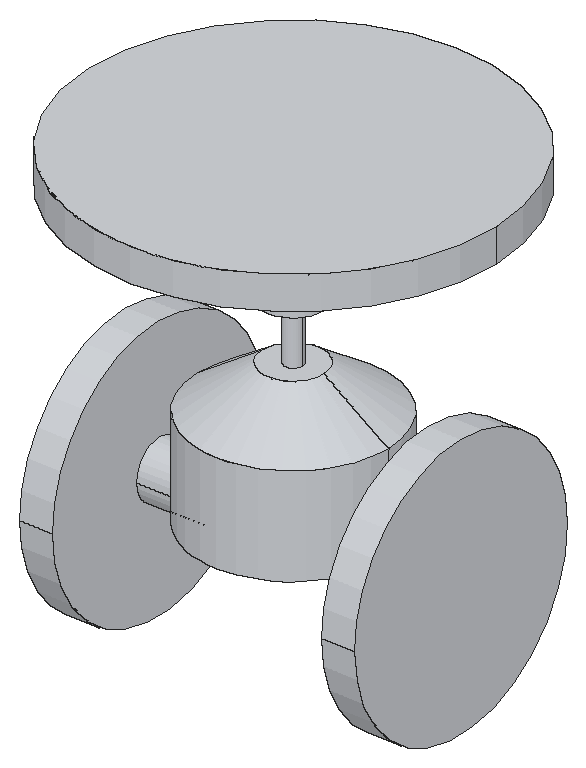
Revit family "5d86e1dd84414a7e97d1b1944e1acfb1", category Pipe Accessories, Revit 2021
Family settings
  Round Connector Dimension = Use Radius
  Part Type = Valve - Breaks Into
  OmniClass Number = 23.65.55.14.17
  OmniClass Title = Adjusting/Controlling Valves for Liquid Services
  Seek Item ID = Diaphragm Valve - Straight - 2.5-14 Inch-0000-USA-ENU
  Work Plane-Based = No
  Always vertical = Yes
  Cut with Voids When Loaded = No
  Shared = No
Parameters (values of type "2 1/2"")
  Valve Material = none
  Stem Radius = 0' - 0 13/16"
  Stem Height = 0.3 * Overall Height  # 0' - 2.6625"
  Stem Diameter = Stem Radius * 2  # 0' - 1 5/8"
  Pipe Radius = 0' - 0 3/4"
  Pipe Diameter = Pipe Radius * 2  # 0' - 1 1/2"
  Overall Height = 0' - 8 7/8"
  Nominal Radius = 1 1/4"
  Nominal Diameter = Nominal Radius * 2  # 2 1/2"
  Neck Radius = 0.3 * Stem Radius  # 0' - 0.24375"
  Neck Height = 0.17 * Overall Height  # 0' - 1.50875"
  Neck Diameter = Neck Radius * 2  # 0' - 0.4875"
  K Coefficient = 0.87
  Hand Wheel Thickness = 0' - 0 7/8"
  Hand Wheel Radius = 0' - 5 3/8"
  Hand Wheel Material = none
  Hand Wheel Diameter = Hand Wheel Radius * 2  # 0' - 10 3/4"
  Half Body Length = Body Length * 0.5  # 0' - 3 9/16"
  Flange Thickness = 0' - 0 7/8"
  Flange Radius = 0' - 3 1/2"
  Flange Diameter = Flange Radius * 2  # 0' - 7"
  Default Elevation = 0' - 0"
  Bonnet Radius = 3.12 * Stem Radius  # 0' - 2.535"
  Bonnet Height = 0' - 2 5/8"
  Bonnet Diameter = Bonnet Radius * 2  # 0' - 5.07"
  Body Length = 0' - 7 1/8"
Types (10): name | Stem Radius | Stem Height | Stem Diameter | Pipe Radius | Pipe Diameter | Overall Height | Nominal Radius | Nominal Diameter | Neck Radius | Neck Height | Neck Diameter | K Coefficient | Hand Wheel Thickness | Hand Wheel Radius | Hand Wheel Diameter | Half Body Length | Flange Thickness | Flange Radius | Flange Diameter | Bonnet Radius | Bonnet Height | Bonnet Diameter | Body Length
  (no name) | 0' - 0 13/16" | 0' - 2.6625" | 0' - 1 5/8" | 0' - 0 3/4" | 0' - 1 1/2" | 0' - 8 7/8" | 1 1/4" | 2 1/2" | 0' - 0.24375" | 0' - 1.50875" | 0' - 0.4875" | 0.87 | 0' - 0 7/8" | 0' - 5 3/8" | 0' - 10 3/4" | 0' - 3 9/16" | 0' - 0 7/8" | 0' - 3 1/2" | 0' - 7" | 0' - 2.535" | 0' - 2 5/8" | 0' - 5.07" | 0' - 7 1/8"
  2 1/2" | 0' - 0 13/16" | 0' - 2.6625" | 0' - 1 5/8" | 0' - 0 3/4" | 0' - 1 1/2" | 0' - 8 7/8" | 1 1/4" | 2 1/2" | 0' - 0.24375" | 0' - 1.50875" | 0' - 0.4875" | 0.87 | 0' - 0 7/8" | 0' - 5 3/8" | 0' - 10 3/4" | 0' - 3 9/16" | 0' - 0 7/8" | 0' - 3 1/2" | 0' - 7" | 0' - 2.535" | 0' - 2 5/8" | 0' - 5.07" | 0' - 7 1/8"
  3" | 0' - 0 15/16" | 0' - 3.0375" | 0' - 1 7/8" | 0' - 0 15/16" | 0' - 1 7/8" | 0' - 10 1/8" | 1 1/2" | 3" | 0' - 0 9/32" | 0' - 1.72125" | 0' - 0 9/16" | 0.66 | 0' - 1 1/16" | 0' - 5 1/2" | 0' - 11" | 0' - 4 1/4" | 0' - 0 15/16" | 0' - 3 3/4" | 0' - 7 1/2" | 0' - 2.925" | 0' - 3" | 0' - 5.85" | 0' - 8 1/2"
  4" | 0' - 1 1/8" | 0' - 3.675" | 0' - 2 1/4" | 0' - 1 5/16" | 0' - 2 5/8" | 1' - 0 1/4" | 2" | 4" | 0' - 0.3375" | 0' - 2.0825" | 0' - 0.675" | 0.66 | 0' - 1 1/4" | 0' - 6 13/16" | 1' - 1 5/8" | 0' - 5 1/4" | 0' - 0 15/16" | 0' - 4 1/2" | 0' - 9" | 0' - 3.51" | 0' - 3 13/16" | 0' - 7.02" | 0' - 10 1/2"
  5" | 0' - 1 9/32" | 0' - 4.3875" | 0' - 2 9/16" | 0' - 1 11/16" | 0' - 3 3/8" | 1' - 2 5/8" | 2 1/2" | 5" | 0' - 0.38437" | 0' - 2.48625" | 0' - 0.76875" | 0.65 | 0' - 1 1/2" | 0' - 6 15/16" | 1' - 1 7/8" | 0' - 6 3/16" | 0' - 0 15/16" | 0' - 5" | 0' - 10" | 0' - 3.9975" | 0' - 4 5/8" | 0' - 7.995" | 1' - 0 3/8"
  6" | 0' - 1 1/2" | 0' - 4 19/32" | 0' - 3" | 0' - 2 3/16" | 0' - 4 3/8" | 1' - 3 5/16" | 3" | 6" | 0' - 0.45" | 0' - 2.60313" | 0' - 0.9" | 0.41 | 0' - 1 1/2" | 0' - 8" | 1' - 4" | 0' - 7 3/8" | 0' - 1" | 0' - 5 1/2" | 0' - 11" | 0' - 4.68" | 0' - 5 1/4" | 0' - 9.36" | 1' - 2 3/4"
  8" | 0' - 1 7/8" | 0' - 6.525" | 0' - 3 3/4" | 0' - 2 13/16" | 0' - 5 5/8" | 1' - 9 3/4" | 4" | 8" | 0' - 0 9/16" | 0' - 3.6975" | 0' - 1 1/8" | 0.55 | 0' - 2 1/8" | 0' - 10 9/16" | 1' - 9 1/8" | 0' - 9 1/4" | 0' - 1 1/8" | 0' - 6 3/4" | 1' - 1 1/2" | 0' - 5.85" | 0' - 7 1/8" | 0' - 11.7" | 1' - 6 1/2"
  10" | 0' - 2 5/16" | 0' - 8.8875" | 0' - 4 5/8" | 0' - 3 11/32" | 0' - 6 11/16" | 2' - 5 5/8" | 5" | 10" | 0' - 0.69375" | 0' - 5.03625" | 0' - 1.3875" | 0.55 | 0' - 3" | 1' - 1" | 2' - 2" | 0' - 11 11/16" | 0' - 1 3/16" | 0' - 8" | 1' - 4" | 0' - 7.215" | 0' - 9 5/16" | 1' - 2.43" | 1' - 11 3/8"
  12" | 0' - 2 11/16" | 0' - 7.35" | 0' - 5 3/8" | 0' - 4 3/4" | 0' - 9 1/2" | 2' - 0 1/2" | 6" | 12" | 0' - 0.80625" | 0' - 4.165" | 0' - 1.6125" | 0.5 | 0' - 2 1/4" | 1' - 2 7/8" | 2' - 5 3/4" | 1' - 1 11/16" | 0' - 1 1/4" | 0' - 9 1/2" | 1' - 7" | 0' - 8.385" | 0' - 9 1/4" | 1' - 4.77" | 2' - 3 3/8"
  14" | 0' - 3 5/16" | 0' - 8.55" | 0' - 6 5/8" | 0' - 5 5/8" | 0' - 11 1/4" | 2' - 4 1/2" | 7" | 14" | 0' - 0.99375" | 0' - 4.845" | 0' - 1.9875" | 0.32 | 0' - 2 9/16" | 1' - 3 1/16" | 2' - 6 1/8" | 1' - 4 15/16" | 0' - 1 3/8" | 0' - 10 1/2" | 1' - 9" | 0' - 10.335" | 0' - 10 3/4" | 1' - 8.67" | 2' - 9 7/8"
Reference planes (in)
  plane 1 "Center (Front/Back)": y = 0
  plane 2: z = 0
  plane 3 "Center (Left/Right)": x = 0
  plane 4: x = -3.5625
  plane 5: x = 3.5625
  plane 6: x = -4.4375
  plane 7: x = 4.4375
  plane 8: z = 2.625
  plane 9: z = 8.875
  plane 10: z = 8
  plane 11: z = 5.2875
  plane 12: z = 3.77875
  plane 13: y = 3.5
  plane 14: y = -3.5
Forms (in)
  Extrusion 1, solid, material <- "Valve Material", detail levels fine
    sketch origin (0, 0, 0) x (0, 1, 0) y (0, 0, 1)
      loop
        circle (0, 0) r 3.5
    from -4.4375 to -3.5625
  Extrusion 2, solid, material <- "Valve Material", detail levels fine
    sketch origin (0, 0, 0) x (0, 1, 0) y (0, 0, 1)
      loop
        circle (0, 0) r 3.5
    from 3.5625 to 4.4375
  Extrusion 3, solid, material <- "Valve Material", detail levels fine
    sketch origin (0, 0, 0) x (0, 1, 0) y (0, 0, 1)
      loop
        circle (0, 0) r 0.75
    from -3.5625 to 3.5625
  Extrusion 4, solid, material <- "Valve Material", detail levels fine
    sketch origin (0, 0, 0) x (1, 0, 0) y (0, 1, 0)
      loop
        circle (0, 0) r 2.535
    from 0 to 2.625
  Blend 5, solid, material <- "Valve Material", detail levels fine
    base sketch origin (0, 0, 0) x (1, 0, 0) y (0, 1, 0)
      loop
        circle (0, 0) r 0.8125
    top sketch origin (0, 0, 0) x (1, 0, 0) y (0, 1, 0)
      loop
        circle (0, 0) r 2.535
    from 3.77875 to 2.625
  Extrusion 6, solid, material <- "Valve Material", detail levels fine
    sketch origin (0, 0, 0) x (1, 0, 0) y (0, 1, 0)
      loop
        circle (0, 0) r 0.24375
    from 3.77875 to 5.2875
  Extrusion 7, solid, material <- "Valve Material", detail levels fine
    sketch origin (0, 0, 0) x (1, 0, 0) y (0, 1, 0)
      loop
        circle (0, 0) r 0.8125
    from 5.2875 to 8
  Extrusion 8, solid, material <- "Hand Wheel Material", detail levels fine
    sketch origin (0, 0, 0) x (1, 0, 0) y (0, 1, 0)
      loop
        circle (0, 0) r 5.375
    from 8 to 8.875
Cuts and joins
  joined: Extrusion 1, Extrusion 2, Extrusion 3, Extrusion 4, Blend 5, Extrusion 6, Extrusion 7
Lines and regions (in)
  model lines, detail levels coarse+medium
    curve 1: line (-4.4375, 3.5, 0) -> (-4.4375, -3.5, 0)
    curve 2: line (4.4375, 3.5, 0) -> (4.4375, -3.5, 0)
    curve 3: line (-4.4375, -3.5, 0) -> (0, 3.5, 0)
    curve 5: line (4.4375, -3.5, 0) -> (0, 3.5, 0)
    curve 6: line (-4.4375, 3.5, 0) -> (4.4375, 3.5, 0)
    curve 7: line (-8.4375, 0, 0) -> (-4.4375, 0, 0)
    curve 8: line (4.4375, 0, 0) -> (8.4375, 0, 0)
  model lines
    curve 4: line (0, 3.5, 0) -> (0.17678, 3.32322, 0)
Dimensions and locks (in)
  equal spacing: plane 4, plane 3 "Center (Left/Right)", plane 5
  "Half Body Length": plane 4 to plane 3 "Center (Left/Right)"
  "Flange Thickness": plane 6 to plane 4
  "Flange Thickness": plane 5 to plane 7
  "Bonnet Height": plane 8 to plane 2
  "Overall Height": plane 9 to plane 2
  "Hand Wheel Thickness": plane 9 to plane 10
  "Stem Height": plane 11 to plane 8
  "Neck Height": plane 11 to plane 12
  "Flange Radius": plane 13 to plane 1 "Center (Front/Back)"
  "Flange Radius": plane 1 "Center (Front/Back)" to plane 14
  "Flange Radius": radius of Extrusion 1 sketch curve
  "Flange Radius": radius of Extrusion 2 sketch curve
  "Pipe Radius": radius of Extrusion 3 sketch curve
  "Bonnet Radius": radius of Extrusion 4 sketch curve
  "Stem Radius": radius of Blend 5 sketch curve
  "Bonnet Radius": radius of Blend 5 sketch curve
  "Neck Radius": radius of Extrusion 6 sketch curve
  "Stem Radius": radius of Extrusion 7 sketch curve
  "Hand Wheel Radius": radius of Extrusion 8 sketch curve
  aligned and locked: plane 1 "Center (Front/Back)" to Extrusion 1 sketch curve
  aligned and locked: plane 2 to Extrusion 1 sketch curve
  aligned and locked: Extrusion 1 to plane 6
  aligned and locked: plane 4 to Extrusion 1
  aligned and locked: plane 1 "Center (Front/Back)" to Extrusion 2 sketch curve
  aligned and locked: plane 2 to Extrusion 2 sketch curve
  aligned and locked: plane 7 to Extrusion 2
  aligned and locked: Extrusion 2 to plane 5
  aligned and locked: plane 1 "Center (Front/Back)" to Extrusion 3 sketch curve
  aligned and locked: plane 2 to Extrusion 3 sketch curve
  aligned and locked: Extrusion 3 to plane 4
  aligned and locked: plane 5 to Extrusion 3
  aligned and locked: plane 3 "Center (Left/Right)" to Extrusion 4 sketch curve
  aligned and locked: plane 1 "Center (Front/Back)" to Extrusion 4 sketch curve
  aligned and locked: plane 8 to Extrusion 4
  aligned and locked: Extrusion 4 to plane 2
  aligned and locked: plane 3 "Center (Left/Right)" to Blend 5 sketch curve  (x2)
  aligned and locked: plane 1 "Center (Front/Back)" to Blend 5 sketch curve  (x2)
  aligned and locked: plane 8 to Blend 5
  aligned and locked: plane 12 to Blend 5
  aligned and locked: plane 3 "Center (Left/Right)" to Extrusion 6 sketch curve
  aligned and locked: plane 1 "Center (Front/Back)" to Extrusion 6 sketch curve
  aligned and locked: Extrusion 6 to plane 12
  aligned and locked: plane 11 to Extrusion 6
  aligned and locked: plane 3 "Center (Left/Right)" to Extrusion 7 sketch curve
  aligned and locked: plane 1 "Center (Front/Back)" to Extrusion 7 sketch curve
  aligned and locked: plane 10 to Extrusion 7
  aligned and locked: Extrusion 7 to plane 11
  aligned and locked: plane 3 "Center (Left/Right)" to Extrusion 8 sketch curve
  aligned and locked: plane 1 "Center (Front/Back)" to Extrusion 8 sketch curve
  aligned and locked: Extrusion 8 to plane 10
  aligned and locked: plane 9 to Extrusion 8
  aligned and locked: plane 14 to curve 1
  aligned and locked: curve 1 to plane 6
  aligned and locked: plane 14 to curve 2
  aligned and locked: plane 13 to curve 2
  aligned and locked: curve 2 to plane 7
  aligned and locked: curve 6 to plane 13
  aligned and locked: plane 6 to curve 7
  aligned and locked: plane 1 "Center (Front/Back)" to curve 7
  aligned and locked: plane 7 to curve 8
  aligned and locked: plane 1 "Center (Front/Back)" to curve 8
Automatic sketch dimensions
  curve 3 to plane 3 "Center (Left/Right)" = 0' - 0"
  curve 7 to plane 6 = 0' - 4"
  plane 3 "Center (Left/Right)" to curve 4 = 0' - 0.17678"
  curve 8 to curve 8 = 0' - 4"
  curve 4 to plane 13 = 0' - 0.17678"
Connectors (in)
  piping at (-4.4375, 0, 0), diameter 2.5, driven by "Nominal Radius"
    settings: on Extrusion 1, index 1, connector inside diameter 2 1/2", connector length 0' - 0", flow factor 0, pipe flow 0 GPM, pressure drop 0.00 psi, fitting loss kfactor 0, connector angle 0.00°, fixture units 0, engagement length 0' - 0", angle of deflection 0.00°, flow configuration 0, flow direction 0, fitting loss method 2, system type 29, joint type 0, gender type 0, connector reference index 2, connector utility 0, adjustable connector no, is connector primary yes, connector description ""
  piping at (4.4375, 0, 0), diameter 2.5, driven by "Nominal Radius", driven by "K Coefficient"
    settings: on Extrusion 2, index 2, connector inside diameter 2 1/2", connector length 0' - 0", flow factor 0, pipe flow 0 GPM, pressure drop 0.00 psi, fitting loss kfactor 0.87, connector angle 0.00°, fixture units 0, engagement length 0' - 0", angle of deflection 0.00°, flow configuration 0, flow direction 0, fitting loss method 2, system type 29, joint type 0, gender type 0, connector reference index 1, connector utility 0, adjustable connector no, is connector primary no, connector description ""
